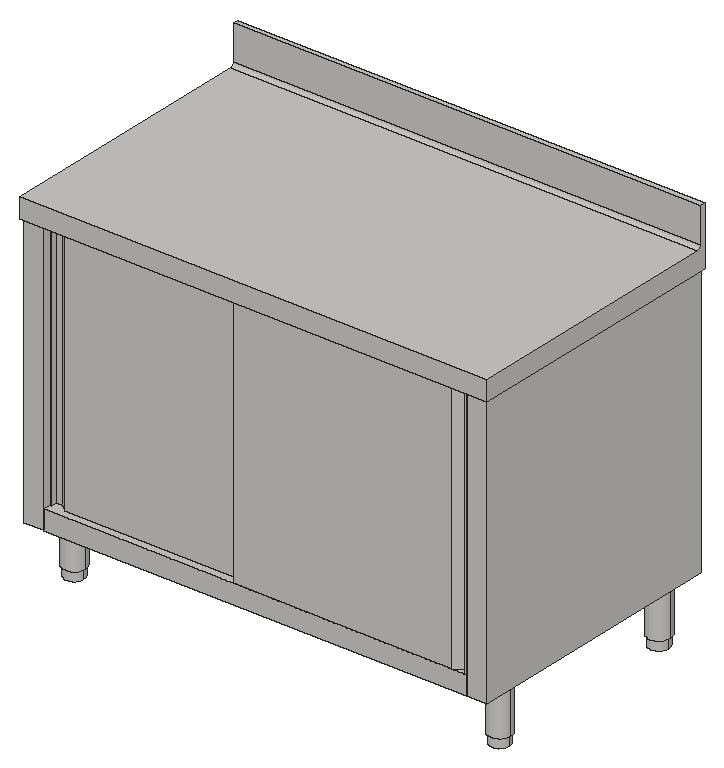
Revit family "QF_ELECTROLUXPROFESSIONAL_133080_TN1210EN", category Attrezzature speciali, Revit 2020
Family settings
  Quota connettore circolare = Usa diametro
  Tipo di parte = Normale
  Basato su piano di lavoro = No
  Sempre verticale = Sì
  Taglio con vuoti quando caricato = No
  Condiviso = No
  Punto di calcolo locali = No
Parameters (values of type "Standard")
  Weight = 55.00 kg
  Watts = 0 W
  Volts = 0 V
  URL Manufacturer = "https://www.electroluxprofessional.com/"
  URL = "https://www.electroluxprofessional.com/"
  Steam Supply Size = 0 mm
  Steam Supply Minimum Pressure = 0.0 Pa
  Steam Supply Maximum Pressure = 0.0 Pa
  Steam Consumption per Hour = 0
  Refrigeration Suction Line Size = 0.0 mm
  Refrigeration Liquid Line Size = 0.0 mm
  Refrigerant Compressor Remote = yes
  Prospetto di default = 0.0 mm
  Produttore = "Electrolux Professional"
  Phase = 0
  Modello = "TN1210EN"
  Length Actual = 1200.0 mm  # constant formula
  Item Number = "133080"
  Hot Water Size = 0 mm
  Height Actual = 1000.0 mm  # constant formula
  HP = "0 HP"
  Gas Size = 0 mm
  Gas KW = 0
  Gas Input Pressure = 0 W
  Direct Waste Size = 0 mm
  Descrizione = "WORKTOP CUPBOARD WITH UPSTAND 1200 MM"
  Depth Actual = 700.0 mm  # constant formula
  Cycle = 0 Hz
  Condensate Return Size = 0 mm
  Compressed Air Volume = 0.0 L/s
  Compressed Air Size = 0 mm
  Compressed Air Pressure = 0.0 Pa
  Cold Water Size = 0 mm
  Accessory = yes
Reference planes
  plane 1 "Center (Front/Back)": y = 0
  plane 2: z = 0
  plane 3 "Center (Left/Right)": x = -100
  plane 4 "LEFT": x = -700
  plane 5 "RIGHT": x = 500
  plane 6 "BACK": y = 350
  plane 7 "FRONT": y = -350
  plane 8 "Base": z = 850
  plane 9 "TOP": z = 900
  plane 10: x = -646.9
  plane 11: x = 446.9
  plane 12: y = 270
  plane 13: y = -241.9
  plane 14 "BodyLeft": x = -694.5
  plane 15 "BodyFront": y = -344.5
  plane 16 "BodyRight": x = 494.5
  plane 17 "BodyBack": y = 344.5
  plane 18 "FEET": z = 150
  plane 19: x = -44.5
  plane 20: x = -155.5
Forms (mm)
  Extrusion 1, solid, material "QF_Finishes_Stainless Steel"
    sketch origin (-100, 0, 0) x (0, 1, 0) y (0, 0, 1)
      loop
        line (-350, 850) -> (350, 850) -> (350, 1000) -> (337, 1000) -> (337, 910)
        arc (337, 910) -> (334.071, 902.929) -> (327, 900) r 10
        line (327, 900) -> (-350, 900) -> (-350, 850)
    from 600 to -600
  Extrusion 2, solid, material "QF_Finishes_Stainless Steel"
    sketch origin (0, 0, 150) x (-1, 0, 0) y (0, -1, 0)
      loop
        line (694.5, -344.5) -> (694.5, 344.5) -> (644.5, 344.5) -> (644.5, -344.5) -> (694.5, -344.5)
      loop
        line (-444.5, -344.5) -> (-444.5, 344.5) -> (-494.5, 344.5) -> (-494.5, -344.5) -> (-444.5, -344.5)
    from 0 to 700
  Extrusion 3, solid, material "QF_Finishes_Stainless Steel"
    sketch origin (0, 0, 150) x (-1, 0, 0) y (0, -1, 0)
      loop
        line (643.585, -344.5) -> (643.585, 344.5) -> (-444.5, 344.5) -> (-444.5, -344.5) -> (643.585, -344.5)
    from 0 to 50
  Extrusion 4, solid, material "QF_Finishes_Stainless Steel"
    sketch origin (0, 0, 150) x (-1, 0, 0) y (0, -1, 0)
      loop
        line (643.585, -344.5) -> (643.585, -294.5) -> (-444.5, -294.5) -> (-444.5, -344.5) -> (643.585, -344.5)
    from 50 to 700
  Extrusion 5, solid, material "QF_Finishes_Stainless Steel"
    sketch origin (0, 0, 150) x (-1, 0, 0) y (0, -1, 0)
      loop
        line (-444.5, 344.5) -> (-444.5, 324.5) -> (155.5, 324.5) -> (155.5, 344.5) -> (-404.5, 344.5) -> (-424.5, 329.5) -> (-439.5, 329.5) -> (-439.5, 344.5) -> (-444.5, 344.5)
    from 50 to 700
  Extrusion 6, solid, material "QF_Finishes_Stainless Steel"
    sketch origin (0, 20, 150) x (1, 0, 0) y (0, 1, 0)
      loop
        line (-644.5, -344.5) -> (-639.5, -344.5) -> (-639.5, -329.5) -> (-624.5, -329.5) -> (-604.5, -344.5) -> (-44.5, -344.5) -> (-44.5, -324.5) -> (-644.5, -324.5) -> (-644.5, -344.5)
    from 50 to 700
Lines and regions (mm)
  symbolic lines
    curve 1: line (500, 350, 900) -> (-700, 350, 900)
    curve 2: line (-700, 350, 900) -> (-700, -350, 900)
    curve 3: line (-700, -350, 900) -> (500, -350, 900)
    curve 4: line (500, -350, 900) -> (500, 350, 900)
    curve 5: line (-700, 337, 900) -> (500, 337, 900)
  symbolic lines, style "SpecialityEquipmentHiddenLines"
    curve 6: line (-694.5, -344.5, 150) -> (-694.5, 344.5, 150)
    curve 7: line (-694.5, 344.5, 150) -> (494.5, 344.5, 150)
    curve 8: line (494.5, 344.5, 150) -> (494.5, -344.5, 150)
    curve 9: line (494.5, -344.5, 150) -> (-694.5, -344.5, 150)
    curve 10: line (-644.5, -304.5, 150) -> (-44.5, -304.5, 150)
    curve 11: line (-44.5, -304.5, 150) -> (-44.5, -324.5, 150)
    curve 12: line (444.5, -324.5, 150) -> (-644.5, -324.5, 150)
    curve 13: line (-644.5, -324.5, 150) -> (-644.5, -304.5, 150)
    curve 14: line (-155.5, -344.5, 150) -> (-155.5, -324.5, 150)
Dimensions and locks
  plane 4 "LEFT" to plane 5 "RIGHT" = 1200.0 mm
  equal spacing: plane 4 "LEFT", plane 3 "Center (Left/Right)", plane 5 "RIGHT"
  locked: plane 8 "Base" to level at 850
  locked: Extrusion 1 to level at 1000
  plane 9 "TOP" to level = 900.0 mm
  plane 6 "BACK" to plane 7 "FRONT" = 700.0 mm
  equal spacing: plane 6 "BACK", plane 1 "Center (Front/Back)", plane 7 "FRONT"
  locked: plane 4 "LEFT" to plane 14 "BodyLeft" at 5.5
  locked: plane 16 "BodyRight" to plane 5 "RIGHT" at 5.5
  locked: plane 15 "BodyFront" to plane 7 "FRONT" at 5.5
  locked: plane 6 "BACK" to plane 17 "BodyBack" at 5.5
  locked: plane 14 "BodyLeft" to plane 10 at 47.6
  locked: plane 11 to plane 16 "BodyRight" at 47.6
  locked: plane 13 to plane 15 "BodyFront" at 102.6
  locked: plane 17 "BodyBack" to plane 12 at 74.5
  plane 10 to plane 11 = 1093.8 mm
  plane 12 to plane 13 = 511.9 mm
  locked: plane 18 "FEET" to level at 150
  locked: plane 14 "BodyLeft" to Extrusion 2 sketch curve at 50
  locked: Extrusion 2 sketch curve to Extrusion 2 sketch curve at 50
  Extrusion 3 to Extrusion 4 sketch curve = 50.0 mm
  Extrusion 2 to plane 19 = 600.0 mm
  plane 20 to Extrusion 2 = 600.0 mm
  aligned and locked: level to plane 2
  aligned and locked: plane 10 to nested 1
  aligned and locked: nested 1 to plane 13
  aligned and locked: plane 11 to nested 2
  aligned and locked: nested 2 to plane 13
  aligned and locked: plane 11 to nested 4
  aligned and locked: nested 4 to plane 12
  aligned and locked: plane 10 to nested 3
  aligned and locked: nested 3 to plane 12
  aligned and locked: Extrusion 1 to plane 4 "LEFT"
  aligned and locked: plane 5 "RIGHT" to Extrusion 1
  aligned and locked: curve 2 to plane 4 "LEFT"
  aligned and locked: plane 17 "BodyBack" to Extrusion 2 sketch curve
  aligned and locked: Extrusion 2 sketch curve to plane 15 "BodyFront"
  aligned and locked: Extrusion 2 sketch curve to plane 14 "BodyLeft"
  aligned and locked: plane 16 "BodyRight" to Extrusion 2 sketch curve
  aligned and locked: Extrusion 2 sketch curve to plane 17 "BodyBack"
  aligned and locked: plane 15 "BodyFront" to Extrusion 2 sketch curve
  aligned and locked: Extrusion 3 sketch curve to plane 17 "BodyBack"
  aligned and locked: plane 15 "BodyFront" to Extrusion 3 sketch curve
  aligned and locked: plane 8 "Base" to Extrusion 2
  aligned and locked: plane 8 "Base" to Extrusion 5
  aligned and locked: Extrusion 5 to Extrusion 3
  aligned and locked: Extrusion 6 sketch curve to plane 19
  aligned and locked: Extrusion 5 sketch curve to plane 20
  aligned and locked: curve 7 to plane 17 "BodyBack"
  aligned and locked: Extrusion 2 to plane 14 "BodyLeft"
  aligned and locked: plane 16 "BodyRight" to curve 8
  aligned and locked: plane 15 "BodyFront" to curve 9
Automatic sketch dimensions
  curve 3 to plane 7 "FRONT" = 0.0 mm
  curve 5 to plane 5 "RIGHT" = 0.0 mm
  curve 4 to plane 6 "BACK" = 0.0 mm
  curve 5 to plane 17 "BodyBack" = 7.5 mm
  Extrusion 1 sketch curve to plane 7 "FRONT" = 0.0 mm
  Extrusion 1 sketch curve to plane 9 "TOP" = 0.0 mm
  Extrusion 1 sketch curve to plane 6 "BACK" = 0.0 mm
  Extrusion 1 sketch curve to plane 8 "Base" = 0.0 mm
  Extrusion 1 sketch curve to plane 17 "BodyBack" = 17.5 mm
  Extrusion 1 sketch curve to plane 17 "BodyBack" = 7.5 mm
  Extrusion 1 sketch curve to Extrusion 1 sketch curve = 90.0 mm
  Extrusion 5 sketch curve to plane 15 "BodyFront" = 0.0 mm  (x2)
  Extrusion 5 sketch curve to plane 11 = 2.4 mm
  Extrusion 5 sketch curve to Extrusion 5 sketch curve = 5.0 mm
  Extrusion 5 sketch curve to Extrusion 5 sketch curve = 15.0 mm
  Extrusion 5 sketch curve to Extrusion 5 sketch curve = 20.0 mm
  plane 15 "BodyFront" to Extrusion 5 sketch curve = 15.0 mm
  plane 15 "BodyFront" to Extrusion 5 sketch curve = 20.0 mm
  Extrusion 6 sketch curve to plane 15 "BodyFront" = 20.0 mm  (x2)
  Extrusion 6 sketch curve to plane 10 = 2.4 mm
  Extrusion 6 sketch curve to Extrusion 6 sketch curve = 5.0 mm
  Extrusion 6 sketch curve to Extrusion 6 sketch curve = 15.0 mm
  Extrusion 6 sketch curve to Extrusion 6 sketch curve = 20.0 mm  (x2)
  Extrusion 6 sketch curve to plane 15 "BodyFront" = 35.0 mm
  Extrusion 3 sketch curve to plane 11 = 2.4 mm
  plane 10 to Extrusion 3 sketch curve = 3.315 mm
  Extrusion 4 sketch curve to plane 11 = 2.4 mm
  plane 10 to Extrusion 4 sketch curve = 3.315 mm
  curve 10 to plane 19 = 0.0 mm
  curve 14 to plane 20 = 0.0 mm
  curve 7 to plane 14 "BodyLeft" = 0.0 mm
  plane 10 to curve 13 = 2.4 mm
  curve 10 to curve 13 = 20.0 mm
  curve 12 to plane 11 = 2.4 mm
  plane 15 "BodyFront" to curve 14 = 20.0 mm
Nested families
  nested 1: "FEET_D58-150" at (-646.9, -241.9, 0), type "FEET_D58-150"
  nested 2: "FEET_D58-150" at (446.9, -241.9, 0), type "FEET_D58-150"
  nested 3: "FEET_D58-150" at (-646.9, 270, 0), type "FEET_D58-150"
  nested 4: "FEET_D58-150" at (446.9, 270, 0), type "FEET_D58-150"
Definition of nested family "FEET_D58-150"
  Parameters
    Default Elevation = 0.0 mm
    FEET = 150.0 mm
  Reference planes
    plane 1 "Center (Front/Back)": y = 0
    plane 2: z = 0
    plane 3 "Center (Left/Right)": x = 0
    plane 4: z = 150
  Forms (mm)
    Extrusion 1, solid
      sketch origin (0, 0, 0) x (1, 0, 0) y (0, 1, 0)
        loop
          circle (0, 0) r 25
      from 0 to 25
    Extrusion 2, solid
      sketch origin (0, 0, 0) x (1, 0, 0) y (0, 1, 0)
        loop
          circle (0.061, 0) r 29
      from 25 to 150 <- "FEET"
  Lines and regions (mm)
    symbolic lines
      curve 1: line (0, -1.503, 0) -> (0, 1.508, 0)
      curve 2: line (1.561, 0, 0) -> (-1.439, 0, 0)
  Dimensions and locks
    "FEET": plane 4 to plane 2
    aligned and locked: level to plane 2
  Automatic sketch dimensions
    plane 1 "Center (Front/Back)" to Extrusion 1 sketch curve = 0.0 mm
    Extrusion 1 sketch curve to plane 3 "Center (Left/Right)" = 0.0 mm
    plane 1 "Center (Front/Back)" to curve 2 = 0.0 mm
    curve 1 to plane 3 "Center (Left/Right)" = 0.0 mm
    curve 2 to plane 3 "Center (Left/Right)" = 1.439 mm
    plane 3 "Center (Left/Right)" to curve 2 = 1.561 mm
    plane 1 "Center (Front/Back)" to curve 1 = 1.503 mm
    curve 1 to plane 1 "Center (Front/Back)" = 1.508 mm
    plane 1 "Center (Front/Back)" to Extrusion 2 sketch curve = 0.0 mm
    plane 3 "Center (Left/Right)" to Extrusion 2 sketch curve = 0.061 mm
    radius of Extrusion 1 sketch curve = 25.0 mm
    radius of Extrusion 2 sketch curve = 29.0 mm
